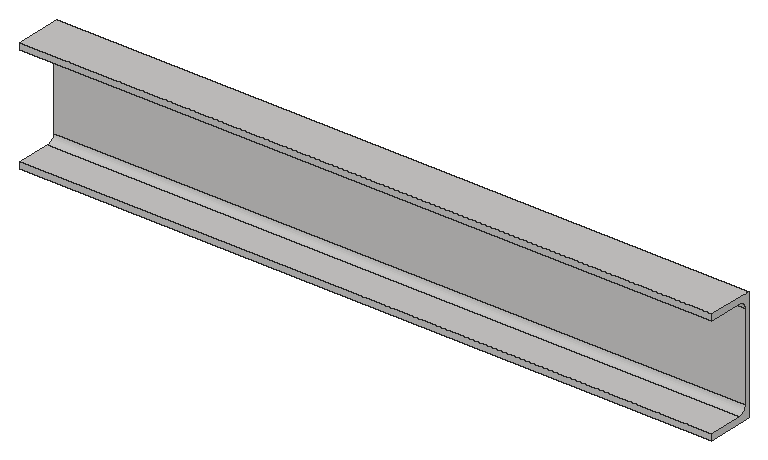
Revit family "NLRS_28_SFR_UPE", category Structural Framing, Revit 2020
Family settings
  Structural Framing Length Roundoff = 0 mm
  Section Shape = C-channel Parallel Flange
  Material for Model Behavior = Steel
  Always export as geometry = No
  Code Name = DIN 1026-2
  Always vertical = Yes
  Cut with Voids When Loaded = No
  Symbolic Representation = From Project Settings
  Shared = No
  Show family pre-cut in plan views = Yes
Parameters (values of type "UPE200")
  Width = 80 mm
  Web Thickness = 6 mm
  Web Fillet = 13 mm
  Warping Constant = (empty or 0)
  Type Comments = ""
  Torsional Moment of Inertia = 0 cm⁴
  Structural Material [instance] = h3_Structural Steel - S235
  Section Name Key = "UPE 200"
  Section Area = 29.0 cm²
  Plastic Modulus weak axis = 63.3 cm³
  Plastic Modulus strong axis = 220 cm³
  Perimeter = 2.2867 (stored number, unit not read)
  Nominal Weight = 223.59 N/m
  Moment of Inertia weak axis = 187 cm⁴
  Moment of Inertia strong axis = 1910 cm⁴
  Height = 200 mm
  Flange Thickness = 11 mm
  Elastic Modulus weak axis = 34.5 cm³
  Elastic Modulus strong axis = 191 cm³
  Centroid Vertical = Height / 2  # 100 mm
  Centroid Horizontal = 25.6 mm
  Bolt Spacing = 45 mm
  Assembly Code = "2B(28.10)"
  Length [instance] = 1500 mm
Types (14, lengths in mm): name | Width | Web Thickness | Web Fillet | Section Name Key | Section Area | Plastic Modulus weak axis | Plastic Modulus strong axis | Perimeter | Nominal Weight | Moment of Inertia weak axis | Moment of Inertia strong axis | Height | Flange Thickness | Elastic Modulus weak axis | Elastic Modulus strong axis | Centroid Vertical | Centroid Horizontal | Bolt Spacing
  UPE200 | 80 | 6 | 13 | "UPE 200" | 29.0 cm² | 63.3 cm³ | 220 cm³ | 2.2867 (stored number, unit not read) | 223.59 N/m | 187 cm⁴ | 1910 cm⁴ | 200 | 11 | 34.5 cm³ | 191 cm³ | 100 | 25.6 | 45
  UPE400 | 115 | 13.5 | 18 | "UPE400" | 91.9 cm² | 191 cm³ | 1260 cm³ | 3.9961 (stored number, unit not read) | 708.04 N/m | 1050 cm⁴ | 20980 cm⁴ | 400 | 18 | 123 cm³ | 1050 cm³ | 200 | 29.8 | 67
  UPE360 | 110 | 12 | 18 | "UPE360" | 77.9 cm² | 178 cm³ | 982 cm³ | 3.6778 (stored number, unit not read) | 600.16 N/m | 844 cm⁴ | 14830 cm⁴ | 360 | 17 | 105 cm³ | 824 cm³ | 180 | 29.7 | 65
  UPE330 | 105 | 11 | 18 | "UPE330" | 67.8 cm² | 156 cm³ | 792 cm³ | 3.4219 (stored number, unit not read) | 521.71 N/m | 682 cm⁴ | 11010 cm⁴ | 330 | 16 | 89.7 cm³ | 667 cm³ | 165 | 29 | 64
  UPE300 | 100 | 9.5 | 15 | "UPE300" | 56.6 cm² | 137 cm³ | 613 cm³ | 3.1759 (stored number, unit not read) | 435.41 N/m | 538 cm⁴ | 7820 cm⁴ | 300 | 15 | 75.6 cm³ | 522 cm³ | 150 | 28.9 | 60
  UPE270 | 95 | 7.5 | 15 | "UPE270" | 44.8 cm² | 112 cm³ | 451 cm³ | 2.9265 (stored number, unit not read) | 345.19 N/m | 401 cm⁴ | 5250 cm⁴ | 270 | 13.5 | 60.7 cm³ | 389 cm³ | 135 | 28.9 | 58
  UPE240 | 90 | 7 | 15 | "UPE240" | 38.5 cm² | 92.2 cm³ | 347 cm³ | 2.6673 (stored number, unit not read) | 296.16 N/m | 311 cm⁴ | 3600 cm⁴ | 240 | 12.5 | 50.1 cm³ | 300 cm³ | 120 | 27.9 | 54
  UPE220 | 85 | 6.5 | 13 | "UPE 220" | 33.9 cm² | 78.2 cm³ | 281 cm³ | 2.4803 (stored number, unit not read) | 260.86 N/m | 247 cm⁴ | 2680 cm⁴ | 220 | 12 | 42.5 cm³ | 244 cm³ | 110 | 27 | 51
  UPE180 | 75 | 5.5 | 12 | "UPE180" | 25.1 cm² | 52.3 cm³ | 173 cm³ | 2.0965 (stored number, unit not read) | 193.19 N/m | 144 cm⁴ | 1350 cm⁴ | 180 | 10.5 | 28.6 cm³ | 150 cm³ | 90 | 24.7 | 43
  UPE160 | 70 | 5.5 | 12 | "UPE160" | 21.7 cm² | 41.5 cm³ | 132 cm³ | 1.8996 (stored number, unit not read) | 166.71 N/m | 107 cm⁴ | 911 cm⁴ | 160 | 9.5 | 22.6 cm³ | 114 cm³ | 80 | 22.7 | 43
  UPE140 | 65 | 5 | 12 | "UPE140" | 18.4 cm² | 33.2 cm³ | 98.8 cm³ | 1.706 (stored number, unit not read) | 142.2 N/m | 78.8 cm⁴ | 600 cm⁴ | 140 | 9 | 18.2 cm³ | 85.6 cm³ | 70 | 21.7 | 40
  UPE120 | 60 | 5 | 12 | "UPE120" | 15.4 cm² | 25.3 cm³ | 70.3 cm³ | 1.5092 (stored number, unit not read) | 118.66 N/m | 55.5 cm⁴ | 364 cm⁴ | 120 | 8 | 13.8 cm³ | 60.6 cm³ | 60 | 19.8 | 36
  UPE100 | 55 | 4.5 | 10 | "UPE 100" | 12.5 cm² | 19.3 cm³ | 48 cm³ | 1.3189 (stored number, unit not read) | 96.301 N/m | 38.3 cm⁴ | 207 cm⁴ | 100 | 7.5 | 10.6 cm³ | 41.4 cm³ | 50 | 19.1 | 35
  UPE80 | 50 | 4 | 10 | "UPE 80" | 10.1 cm² | 14.3 cm³ | 31.2 cm³ | 1.1253 (stored number, unit not read) | 77.472 N/m | 25.5 cm⁴ | 107 cm⁴ | 80 | 7 | 8 cm³ | 26.8 cm³ | 40 | 18.2 | 34
Reference planes
  plane 1 "Center (Front/Back)": y = 0
  plane 2: z = 0
  plane 3 "Center (Left/Right)": x = 4.61
  plane 4 "Member Left": x = -604.99
  plane 5 "Member Right": x = 614.21
  plane 6: y = 25.6
  plane 7: y = -54.4
  plane 8 "Top": z = 100
  plane 9: z = -100
  plane 10 "Left": x = -757.39
  plane 11 "Right": x = 742.61
  plane 12: y = 19.6
Forms (mm)
  Sweep 1, solid, material "h3_Structural Steel - S235" <- "Structural Material", detail levels fine
    path origin (0, 0, 0) x (1, 0, 0) y (0, 1, 0)
      loop
        line (614.21, 0) -> (-604.99, 0)
    profile "Parallel Channel-Profile-Fine : Parallel Channel-Profile-Fine" origin (4.61, 0, 0) x (0, -1, 0) y (0, 0, 1)
      loop
        line (-25.6, -100) -> (54.4, -100) -> (54.4, -89) -> (-6.6, -89)
        arc (-6.6, -89) -> (-15.792, -85.192) -> (-19.6, -76) r 13
        line (-19.6, -76) -> (-19.6, 76)
        arc (-19.6, 76) -> (-15.792, 85.192) -> (-6.6, 89) r 13
        line (-6.6, 89) -> (54.4, 89) -> (54.4, 100) -> (-25.6, 100) -> (-25.6, -100)
  Sweep 2, solid, material "h3_Structural Steel - S235" <- "Structural Material", detail levels medium
    path origin (0, 0, 0) x (1, 0, 0) y (0, 1, 0)
      loop
        line (614.21, 0) -> (-604.99, 0)
    profile "Parallel Channel-Profile-Medium : Parallel Channel-Profile-Medium" origin (4.61, 0, 0) x (0, -1, 0) y (0, 0, 1)
      loop
        line (-25.6, -100) -> (54.4, -100) -> (54.4, -89) -> (-19.6, -89) -> (-19.6, 89) -> (54.4, 89) -> (54.4, 100) -> (-25.6, 100) -> (-25.6, -100)
Lines and regions (mm)
  symbolic lines, style "Hidden Faces", detail levels medium+fine
    curve 1: line (-604.99, 19.6, 0) -> (614.21, 19.6, 0)
    curve 2: line (-604.99, 17.462, 89) -> (614.21, 17.462, 89)
    curve 3: line (-604.99, 17.462, -89) -> (614.21, 17.462, -89)
  symbolic lines, style "Stick Symbols", detail levels coarse
    curve 4: line (4.61, 25.6, 100) -> (4.61, -54.4, 100)
    curve 5: line (4.61, 25.6, -100) -> (4.61, 25.6, 100)
    curve 6: line (4.61, -54.4, -100) -> (4.61, 25.6, -100)
Dimensions and locks
  "Width": plane 6 to plane 7
  "Height": plane 9 to plane 8 "Top"
  "Centroid Horizontal": plane 6 to plane 1 "Center (Front/Back)"
  equal spacing: plane 9, plane 2, plane 8 "Top"
  "Length": plane 10 "Left" to plane 11 "Right"
  "Web Thickness": plane 6 to plane 12
  aligned and locked: Sweep 1 sketch curve to plane 1 "Center (Front/Back)"
  aligned and locked: Sweep 2 sketch curve to plane 1 "Center (Front/Back)"
  aligned and locked: curve 4 to Sweep 2
  aligned and locked: curve 5 to Sweep 2
  aligned and locked: Sweep 2 to curve 6
  aligned and locked: Sweep 2 to curve 4
  aligned and locked: curve 6 to Sweep 2
  aligned and locked: curve 1 to plane 12
  aligned and locked: curve 2 to Sweep 2
  aligned and locked: curve 3 to Sweep 2
  aligned and locked: plane 4 "Member Left" to Sweep 1 sketch curve
  aligned and locked: plane 5 "Member Right" to Sweep 1 sketch curve
  aligned and locked: plane 4 "Member Left" to Sweep 2 sketch curve
  aligned and locked: plane 5 "Member Right" to Sweep 2 sketch curve
  aligned and locked: plane 4 "Member Left" to curve 1
  aligned and locked: plane 5 "Member Right" to curve 1
  aligned and locked: plane 4 "Member Left" to curve 2
  aligned and locked: plane 5 "Member Right" to curve 2
  aligned and locked: plane 4 "Member Left" to curve 3
  aligned and locked: plane 5 "Member Right" to curve 3
  aligned and locked: Sweep 1 to plane 8 "Top"
  aligned and locked: plane 6 to Sweep 1
  aligned and locked: plane 9 to Sweep 1
  aligned and locked: Sweep 1 to plane 7  (x2)
  aligned and locked: Sweep 1 to plane 12
